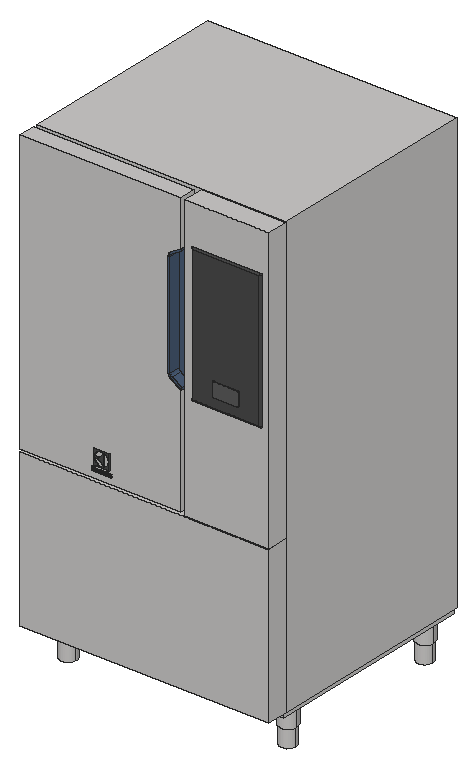
Revit family "QF_ELECTROLUXPROFESSIONAL_727737_EBFA11RE", category Specialty Equipment, Revit 2018 (continued)
Definition of nested family "ELX_Logo_S_New"
  Forms (mm)
    Extrusion 2, solid, material <- "M"
      sketch origin (0, 0, 0) x (1, 0, 0) y (0, 1, 0)
        loop
          spline (22.928, -4.398) -> (22.674, -4.386) -> (22.432, -4.35) -> (22.205, -4.29) -> (21.994, -4.204) -> (21.802, -4.092) -> (21.629, -3.954) -> (21.478, -3.788) -> (21.35, -3.595) -> (21.248, -3.373) -> (21.173, -3.122) -> (21.126, -2.841) -> (21.11, -2.53)
          line (21.11, -2.53) -> (21.11, 2.33) -> (19.11, 2.33) -> (19.11, -2.696)
          spline (19.11, -2.696) -> (19.145, -3.265) -> (19.248, -3.783) -> (19.413, -4.25) -> (19.636, -4.667) -> (19.912, -5.033) -> (20.236, -5.349) -> (20.603, -5.616) -> (21.008, -5.833) -> (21.446, -6.001) -> (21.913, -6.121) -> (22.403, -6.193) -> (22.912, -6.217)
          spline (22.912, -6.217) -> (23.425, -6.193) -> (23.92, -6.12) -> (24.39, -5.998) -> (24.832, -5.828) -> (25.241, -5.607) -> (25.611, -5.337) -> (25.937, -5.016) -> (26.216, -4.645) -> (26.441, -4.222) -> (26.608, -3.749) -> (26.711, -3.223) -> (26.747, -2.646)
          line (26.747, -2.646) -> (26.747, 2.33) -> (24.747, 2.33)
        loop
          line (34.253, -3.337) -> (33.002, -1.588) -> (34.551, 0.523) -> (35.878, 2.33) -> (33.713, 2.33) -> (31.91, -0.166) -> (30.092, 2.33) -> (27.943, 2.33) -> (29.175, 0.645) -> (30.82, -1.604) -> (29.096, -4.004) -> (27.662, -6.002) -> (29.794, -6.002) -> (31.91, -3.059) -> (34.027, -6.002) -> (36.159, -6.002) -> (34.253, -3.337)
      from 0 to 1.644
  Dimensions and locks
    aligned and locked: plane 2 to Extrusion 1
    aligned and locked: level to Extrusion 1
Definition of nested family "ELX_Logo_Symbol"
  Parameters
    Default Elevation = 0 mm
    M [instance] = none
  Reference planes
    plane 1 "Centro (Fronte/Retro)": y = 0
    plane 2: z = 0
    plane 3 "Centro (Sinistra/Destra)": x = 0
  Forms (mm)
    Extrusion 1, solid
      sketch origin (0, 0, 0) x (1, 0, 0) y (0, 1, 0)
        loop
          line (-1219.2, 1219.2) -> (-1219.2, -1219.2) -> (1219.2, -1219.2) -> (1219.2, 1219.2) -> (-1219.2, 1219.2)
      from 0 to -304.8
    Extrusion 2, solid, material <- "M"
      sketch origin (94.462, 558.781, 0) x (1, 0, 0) y (0, 1, 0)
        loop
          line (-101.645, -583.129) -> (-101.645, -534.543)
          arc (-101.645, -534.543) -> (-119.606, -558.836) -> (-101.645, -583.129) r 25.41
        loop
          arc (-99.174, -583.129) -> (-78.968, -578.537) -> (-69.233, -560.244) r 24.902
          line (-69.233, -560.244) -> (-77.271, -560.244)
          arc (-77.271, -560.244) -> (-91.631, -566.073) -> (-99.174, -579.611) r 23.341
          line (-99.174, -579.611) -> (-99.174, -583.129)
        loop
          arc (-99.174, -538.061) -> (-91.631, -551.599) -> (-77.271, -557.427) r 23.341
          line (-77.271, -557.427) -> (-69.233, -557.427)
          arc (-69.233, -557.427) -> (-78.952, -538.984) -> (-99.174, -533.918) r 25.553
          line (-99.174, -533.918) -> (-99.174, -538.061)
        loop
          line (-67.388, -585.781) -> (-67.388, -531.781) -> (-121.462, -531.781) -> (-121.462, -585.781) -> (-67.388, -585.781)
      from 0 to 1.644
  Dimensions and locks
    aligned and locked: plane 2 to Extrusion 1
    aligned and locked: level to Extrusion 1
